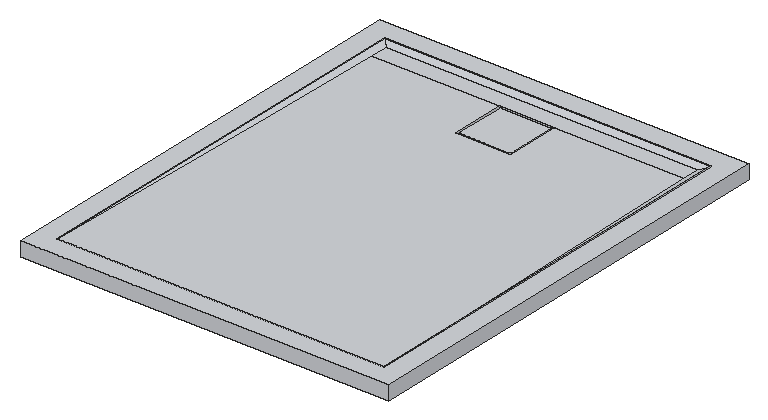
Revit family "W20AS", category Plumbing Fixtures, Revit 2016
Family settings
  Part Type = Normal
  Round Connector Dimension = Use Diameter
  Work Plane-Based = No
  Always vertical = Yes
  Cut with Voids When Loaded = No
  Shared = No
  Room Calculation Point = No
Parameters (values of type "900x1100")
  URL = "http://www.sanswiss.com/"
  Type Comments = "LIVADA"
  Model = "W20AS"
  Manufacturer = "SanSwiss"
  B = 1100 mm
  A = 900 mm
Types (17, lengths in mm): name | B | A
  (no name) | 1100 | 900
  700x1200 | 1200 | 700
  800x1400 | 1400 | 800
  700x1400 | 1400 | 700
  900x1200 | 1200 | 900
  700x1600 | 1600 | 700
  800x1200 | 1200 | 800
  800x1600 | 1600 | 800
  900x1600 | 1600 | 900
  900x1400 | 1400 | 900
  700x900 | 900 | 700
  700x1000 | 1000 | 700
  800x900 | 900 | 800
  800x1000 | 1000 | 800
  800x1100 | 1100 | 800
  900x1000 | 1000 | 900
  900x1100 | 1100 | 900
Reference planes
  plane 1 "Center (Front/Back)": y = 0
  plane 2: z = 0
  plane 3 "Center (Left/Right)": x = 0
  plane 4: x = 644.146
  plane 5: x = -1000
  plane 6: y = 1100
  plane 7: x = 900
  plane 8: x = 50.38
  plane 9: x = 849.521
  plane 10: y = 1049.574
  plane 11: x = 69.661
  plane 12: x = 450
  plane 13: x = 830.241
  plane 14: y = 1030.367
  plane 15: x = 382.508
  plane 16: x = 517.508
  plane 17: y = 987.53
  plane 18: y = 852.53
  plane 19 "wgłębienie": z = 30.009
  plane 20 "top": z = 35.031
  plane 21: y = 50.045
  plane 22: x = 387.508
  plane 23: x = 512.508
  plane 24: y = 857.53
  plane 25: y = 982.53
Forms (mm)
  Extrusion 1, solid
    sketch origin (0, 0, 0) x (1, 0, 0) y (0, 1, 0)
      loop
        line (0, 0) -> (900, 0) -> (900, 1100) -> (0, 1100) -> (0, 0)
      loop
        line (50.38, 1049.574) -> (50.38, 50.045) -> (849.521, 50.045) -> (849.521, 1049.574) -> (50.38, 1049.574)
    from 0 to 35.031
  Extrusion 2, void
    sketch origin (0, 0, 0) x (1, 0, 0) y (0, 1, 0)
      loop
        line (382.508, 852.53) -> (517.508, 852.53) -> (517.508, 987.53) -> (382.508, 987.53) -> (382.508, 852.53)
    from 24.09 to 64.397
  Extrusion 3, solid
    sketch origin (0, 0, 0) x (1, 0, 0) y (0, 1, 0)
      loop
        arc (390.41, 982.53) -> (388.358, 981.68) -> (387.508, 979.628) r 2.902
        line (387.508, 979.628) -> (387.508, 860.702)
        arc (387.508, 860.702) -> (388.437, 858.459) -> (390.68, 857.53) r 3.172
        line (390.68, 857.53) -> (509.43, 857.53)
        arc (509.43, 857.53) -> (511.607, 858.432) -> (512.508, 860.609) r 3.078
        line (512.508, 860.609) -> (512.508, 979.829)
        arc (512.508, 979.829) -> (511.717, 981.739) -> (509.808, 982.53) r 2.701
        line (509.808, 982.53) -> (390.41, 982.53)
    from 25.258 to 30.009
  Extrusion 4, solid
    sketch origin (0, 0, 0) x (1, 0, 0) y (0, 1, 0)
      loop
        line (849.521, 1049.574) -> (50.38, 1049.574) -> (50.38, 50.045) -> (849.521, 50.045) -> (849.521, 1049.574)
    from 0 to 35.031
  Extrusion 5, void
    sketch origin (58.5, 10.545, 23.549) x (0, -1, 0) y (0, 0, 1)
      loop
        line (-1039.028, 11.483) -> (-1019.822, 6.461) -> (-977.052, 6.461) -> (-39.499, 11.483) -> (-1039.028, 11.483)
    from -791.021 to 8.12
  Blend 6, solid
    base sketch origin (0, 0, 0) x (1, 0, 0) y (0, 0, 1)
      loop
        line (830.241, 30.009) -> (849.521, 30.009) -> (849.521, 35.031) -> (830.241, 30.009)
    top sketch origin (0, 0, 0) x (1, 0, 0) y (0, 0, 1)
      loop
        line (849.521, 35.031) -> (845.997, 34.113) -> (849.521, 34.113) -> (849.521, 35.031)
    from -1049.574 to -50.045
  Blend 7, solid
    base sketch origin (1200, 0, 0) x (-1, 0, 0) y (0, 0, -1)
      loop
        line (1130.241, -30.009) -> (1149.62, -35.057) -> (1149.62, -30.009) -> (1130.241, -30.009)
    top sketch origin (1200, 0, 0) x (-1, 0, 0) y (0, 0, -1)
      loop
        line (1149.62, -35.057) -> (1149.62, -34.113) -> (1145.997, -34.113) -> (1149.62, -35.057)
    from -1049.574 to -50.045
Cuts and joins
  Extrusion 2, Extrusion 5 cuts Extrusion 4
  Extrusion 2, Extrusion 5 cuts Extrusion 1
Dimensions and locks
  "B": plane 6 to plane 1 "Center (Front/Back)"
  "A": plane 3 "Center (Left/Right)" to plane 7
  locked: plane 6 to plane 10 at 50.426
  locked: plane 3 "Center (Left/Right)" to plane 8 at 50.38
  locked: plane 9 to plane 7 at 50.479
  equal spacing: plane 3 "Center (Left/Right)", plane 12, plane 7
  locked: plane 10 to plane 14 at 19.207
  locked: plane 13 to plane 9 at 19.28
  locked: plane 8 to plane 11 at 19.28
  locked: plane 6 to plane 17 at 112.47
  plane 15 to plane 12 to plane 16 = 67.492 mm locked, 67.508 mm locked
  locked: plane 17 to plane 18 at 135
  locked: plane 1 "Center (Front/Back)" to plane 21 at 50.045
  locked: plane 25 to plane 17 at 5
  locked: plane 15 to plane 22 at 5
  locked: plane 23 to plane 16 at 5
  locked: plane 24 to plane 18 at 5
  aligned and locked: level to plane 2
  aligned and locked: plane 1 "Center (Front/Back)" to Extrusion 1 sketch curve
  aligned and locked: Extrusion 1 sketch curve to plane 3 "Center (Left/Right)"
  aligned and locked: plane 6 to Extrusion 1 sketch curve
  aligned and locked: plane 7 to Extrusion 1 sketch curve
  aligned and locked: Extrusion 2 sketch curve to plane 18
  aligned and locked: Extrusion 2 sketch curve to plane 15
  aligned and locked: plane 17 to Extrusion 2 sketch curve
  aligned and locked: Extrusion 2 sketch curve to plane 16
  aligned and locked: plane 22 to Extrusion 3 sketch curve
  aligned and locked: plane 24 to Extrusion 3 sketch curve
  aligned and locked: Extrusion 3 sketch curve to plane 23
  aligned and locked: Extrusion 3 sketch curve to plane 25
  aligned and locked: plane 21 to Extrusion 5 sketch curve
  aligned and locked: Extrusion 5 sketch curve to plane 20 "top"
  aligned and locked: Extrusion 5 sketch curve to plane 19 "wgłębienie"
  aligned and locked: plane 9 to Extrusion 5
  aligned and locked: Extrusion 5 to plane 8
  aligned and locked: Blend 6 to plane 10
  aligned and locked: Blend 6 to plane 21
  aligned and locked: Blend 7 sketch curve to plane 8  (x2)
  aligned and locked: plane 19 "wgłębienie" to Blend 7 sketch curve
  aligned and locked: Blend 6 sketch curve to plane 9
  aligned and locked: Blend 6 sketch curve to plane 19 "wgłębienie"
  aligned and locked: Blend 7 to plane 10
Automatic sketch dimensions
  Extrusion 1 sketch curve to plane 8 = 0 mm
  Extrusion 1 sketch curve to plane 9 = 0 mm
  Extrusion 1 sketch curve to plane 21 = 0 mm
  plane 10 to Extrusion 1 sketch curve = 0 mm
  Extrusion 3 sketch curve to Extrusion 3 sketch curve = 2.902 mm
  Extrusion 3 sketch curve to Extrusion 3 sketch curve = 3.172 mm
  plane 23 to Extrusion 3 sketch curve = 3.078 mm
  plane 23 to Extrusion 3 sketch curve = 2.701 mm
  Extrusion 4 sketch curve to plane 8 = 0 mm
  Extrusion 4 sketch curve to plane 9 = 0 mm
  Extrusion 4 sketch curve to plane 21 = 0 mm
  plane 10 to Extrusion 4 sketch curve = 0 mm
  Extrusion 5 sketch curve to plane 10 = 0 mm
  Extrusion 5 sketch curve to plane 14 = 0 mm
  plane 17 to Extrusion 5 sketch curve = 0.067 mm
  Blend 6 sketch curve to plane 13 = 0 mm
  Blend 6 sketch curve to plane 20 "top" = 0 mm  (x2)
  Blend 6 sketch curve to plane 9 = 0 mm
  plane 20 "top" to Blend 6 sketch curve = 0.918 mm
  Blend 6 sketch curve to Blend 6 sketch curve = 3.524 mm
  plane 20 "top" to Blend 7 sketch curve = 0.026 mm  (x2)
  Blend 7 sketch curve to plane 11 = 0.098 mm
  Blend 7 sketch curve to plane 20 "top" = 0.918 mm
  Blend 7 sketch curve to plane 8 = 3.622 mm
